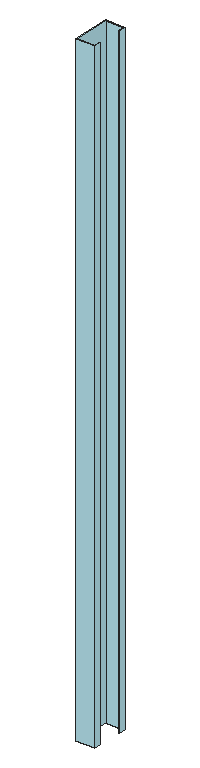
Revit family "(JIS)60×30×10×1.6", category 機械設備, Revit 2020
Family settings
  丸型コネクタ寸法 = 直径を使用
  種別 = なし
  パーツ タイプ = 標準
  作業面ベース = いいえ
  常に垂直 = はい
  ロード時にボイドで切り取り = いいえ
  共有 = いいえ
  部屋計算ポイント = いいえ
Parameters
  製造元 = "株式会社桐井製作所"
  既定の高さ = 0 mm
  URL = "https://www.kirii.co.jp/"
  K_長さ(mm) [instance] = 1000 mm
  K_材質 = "SSC400"
  K_断面積A(mm2) = 207.1
  K_断面係数Zy(mm3) = 1318
  K_断面係数Zx(mm3) = 3876
  K_断面2次半径iy(mm) = 11.1
  K_断面2次半径ix(mm) = 23.7
  K_断面2次モーメントIy(mm4) = 25560
  K_断面2次モーメントIx(mm4) = 116300
  K_外形寸法(mm) = "60×30×10×1.6"
  K_品名 = "(JIS)60×30×10×1.6"
  K_名称 = "補強材"
  K_単位質量(kg/m) = 1.65
  K_ヤング係数E(N/mm2) = 205000
  K_バージョン情報 = "20210524"
  K_めっき付着量 = "Z12"
  K_JIS規格 = "JIS G 3350"
Reference planes
  plane 1 "中心(正面/背面)": y = 0
  plane 2: z = 0
  plane 3 "中心(左/右)": x = 0
  plane 4: z = 1000
  plane 5: y = 60
Forms (mm)
  Extrusion 1, solid
    sketch origin (0, 0, 0) x (1, 0, 0) y (0, 1, 0)
      loop
        line (0, 0) -> (30, 0) -> (30, 10) -> (28.4, 10) -> (28.4, 1.6) -> (1.6, 1.6) -> (1.6, 58.4) -> (28.4, 58.4) -> (28.4, 50) -> (30, 50) -> (30, 60) -> (0, 60) -> (0, 0)
    from 0 to 1000
Dimensions and locks
  "K_長さ(mm)": plane 4 to plane 2
  aligned and locked: level to plane 2
  aligned and locked: plane 4 to Extrusion 1
Automatic sketch dimensions
  Extrusion 1 sketch curve to plane 3 "中心(左/右)" = 0 mm
  plane 1 "中心(正面/背面)" to Extrusion 1 sketch curve = 0 mm
  Extrusion 1 sketch curve to plane 1 "中心(正面/背面)" = 10 mm
  Extrusion 1 sketch curve to Extrusion 1 sketch curve = 26.8 mm  (x2)
  Extrusion 1 sketch curve to Extrusion 1 sketch curve = 1.6 mm  (x3)
  Extrusion 1 sketch curve to plane 1 "中心(正面/背面)" = 1.6 mm
  Extrusion 1 sketch curve to Extrusion 1 sketch curve = 40 mm
  Extrusion 1 sketch curve to Extrusion 1 sketch curve = 8.4 mm
  plane 3 "中心(左/右)" to Extrusion 1 sketch curve = 1.6 mm
